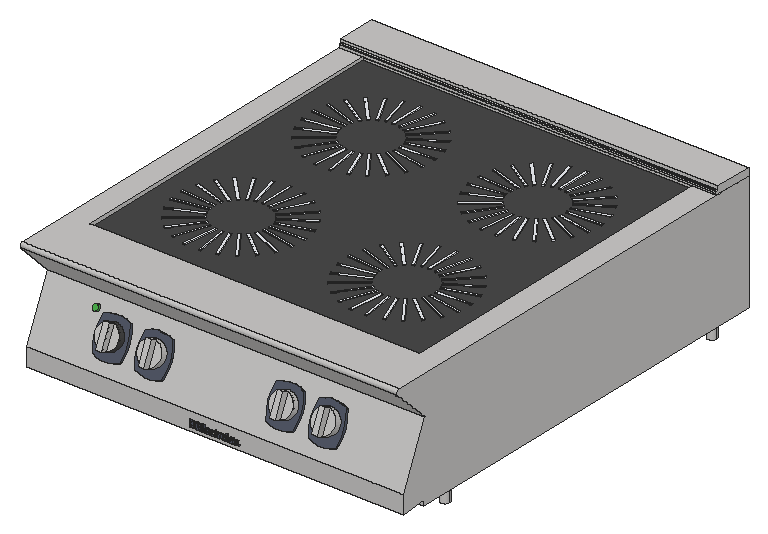
Revit family "QF_ELECTROLUXPROFESSIONAL_391045_E9IREH4000", category Specialty Equipment, Revit 2018 (continued)
Definition of nested family "INDUCTION BURNER"
  Automatic sketch dimensions
    plane 7 "Center Y" to curve 1 = 2.5 mm
    plane 7 "Center Y" to curve 57 = 4.812 mm
    plane 7 "Center Y" to curve 58 = 14.001 mm
    curve 57 to plane 5 "FRONT" = 0.724 mm
    curve 58 to curve 58 = 4.961 mm
    curve 59 to curve 64 = 9.322 mm
    curve 61 to curve 64 = 4.649 mm
    curve 5 to curve 100 = 8.949 mm
    plane 1 "BACK" to curve 6 = 3.51 mm
    curve 63 to curve 65 = 8.434 mm
    curve 6 to curve 6 = 4.843 mm
    curve 65 to curve 67 = 4.045 mm
    curve 97 to curve 96 = 7.786 mm
    curve 95 to curve 96 = 3.645 mm
    curve 67 to curve 72 = 7.016 mm
    curve 62 to plane 5 "FRONT" = 8.314 mm
    curve 69 to curve 71 = 3.187 mm
    curve 93 to curve 92 = 6.135 mm
    curve 71 to curve 76 = 5.157 mm
    curve 73 to curve 76 = 2.129 mm
    curve 75 to plane 8 "Center X" = 22.512 mm
    curve 89 to curve 88 = 4.098 mm
    plane 8 "Center X" to curve 88 = 15.603 mm
    curve 75 to curve 77 = 2.974 mm
    curve 79 to plane 8 "Center X" = 8.447 mm
    curve 77 to curve 79 = 0.937 mm
    curve 85 to curve 84 = 1.803 mm
    plane 8 "Center X" to curve 84 = 1.158 mm
    curve 83 to curve 84 = 0.314 mm
    plane 1 "BACK" to curve 98 = 15.061 mm
    curve 98 to curve 98 = 4.382 mm
    curve 66 to curve 70 = 20.413 mm
    curve 91 to plane 4 "RIGHT" = 21.81 mm
    curve 90 to curve 90 = 2.679 mm
    curve 74 to plane 4 "RIGHT" = 13.58 mm
    curve 86 to plane 4 "RIGHT" = 7.209 mm
    curve 86 to curve 86 = 1.545 mm
    curve 79 to plane 4 "RIGHT" = 1.861 mm
    curve 82 to plane 4 "RIGHT" = 0.103 mm
    curve 46 to curve 46 = 2.939 mm
    curve 45 to curve 42 = 19.169 mm
    curve 66 to curve 70 = 19.169 mm
    curve 69 to curve 71 = 3.853 mm
    curve 56 to curve 60 = 0 mm
    curve 55 to curve 53 = 0.627 mm
    curve 57 to curve 59 = 0.627 mm
    curve 53 to curve 52 = 2.394 mm
    curve 59 to curve 61 = 2.394 mm
    curve 73 to curve 75 = 4.524 mm
    curve 51 to curve 49 = 1.841 mm
    curve 61 to curve 63 = 1.841 mm
    curve 49 to curve 48 = 4.637 mm
    curve 63 to curve 65 = 4.637 mm
    curve 65 to curve 67 = 2.939 mm
    curve 67 to curve 72 = 6.589 mm
    curve 45 to curve 44 = 6.589 mm
    curve 43 to curve 44 = 3.853 mm
    curve 39 to curve 37 = 4.524 mm
    curve 77 to curve 78 = 4.911 mm
    curve 34 to curve 33 = 4.911 mm
    plane 8 "Center X" to curve 31 = 5.762 mm
    plane 8 "Center X" to curve 81 = 5.762 mm
    curve 30 to curve 30 = 4.99 mm
    curve 81 to curve 83 = 4.99 mm
    curve 87 to curve 89 = 8.709 mm
    curve 25 to curve 23 = 8.709 mm
    curve 23 to curve 21 = 4.222 mm
    curve 91 to curve 96 = 7.416 mm
    curve 21 to curve 20 = 7.416 mm
    curve 26 to curve 26 = 4.755 mm
    curve 86 to curve 86 = 4.755 mm
    curve 19 to curve 20 = 3.423 mm
    curve 93 to curve 95 = 3.423 mm
    curve 17 to curve 16 = 5.657 mm
    curve 95 to curve 97 = 5.657 mm
    curve 16 to curve 13 = 2.409 mm
    curve 97 to curve 100 = 2.409 mm
    curve 99 to curve 8 = 3.543 mm
    curve 13 to curve 11 = 3.543 mm
    curve 5 to curve 8 = 1.243 mm
    curve 11 to curve 12 = 1.243 mm
    curve 9 to curve 3 = 1.206 mm
    curve 90 to curve 91 = 4.222 mm
    curve 91 to curve 94 = 21.576 mm
    plane 1 "BACK" to Extrusion 1 sketch curve = 0 mm
    plane 3 "LEFT" to Extrusion 1 sketch curve = 0.103 mm
    plane 3 "LEFT" to Extrusion 1 sketch curve = 0.416 mm
    plane 3 "LEFT" to Extrusion 1 sketch curve = 1.861 mm
    plane 3 "LEFT" to Extrusion 1 sketch curve = 2.798 mm
    plane 3 "LEFT" to Extrusion 1 sketch curve = 5.664 mm
    Extrusion 1 sketch curve to Extrusion 1 sketch curve = 1.545 mm  (x2)
    plane 3 "LEFT" to Extrusion 1 sketch curve = 11.451 mm
    Extrusion 1 sketch curve to Extrusion 1 sketch curve = 2.129 mm  (x2)
    plane 3 "LEFT" to Extrusion 1 sketch curve = 19.131 mm
    Extrusion 1 sketch curve to Extrusion 1 sketch curve = 2.679 mm  (x2)
    Extrusion 1 sketch curve to Extrusion 1 sketch curve = 15.004 mm
    Extrusion 1 sketch curve to Extrusion 1 sketch curve = 3.187 mm  (x2)
    Extrusion 1 sketch curve to Extrusion 1 sketch curve = 17.849 mm
    plane 1 "BACK" to Extrusion 1 sketch curve = 33.929 mm
    Extrusion 1 sketch curve to Extrusion 1 sketch curve = 3.645 mm  (x2)
    Extrusion 1 sketch curve to Extrusion 1 sketch curve = 20.413 mm  (x2)
    Extrusion 1 sketch curve to plane 5 "FRONT" = 23.645 mm  (x2)
    Extrusion 1 sketch curve to Extrusion 1 sketch curve = 4.045 mm  (x2)
    Extrusion 1 sketch curve to Extrusion 1 sketch curve = 22.654 mm  (x2)
    plane 1 "BACK" to Extrusion 1 sketch curve = 15.061 mm  (x2)
    Extrusion 1 sketch curve to Extrusion 1 sketch curve = 4.382 mm  (x2)
    plane 8 "Center X" to Extrusion 1 sketch curve = 1.158 mm  (x2)
    Extrusion 1 sketch curve to plane 7 "Center Y" = 58.228 mm
    Extrusion 1 sketch curve to plane 8 "Center X" = 8.447 mm  (x2)
    Extrusion 1 sketch curve to Extrusion 1 sketch curve = 0.604 mm
    plane 8 "Center X" to Extrusion 1 sketch curve = 15.603 mm  (x2)
    Extrusion 1 sketch curve to Extrusion 1 sketch curve = 1.803 mm  (x2)
    Extrusion 1 sketch curve to plane 8 "Center X" = 22.512 mm  (x2)
    Extrusion 1 sketch curve to Extrusion 1 sketch curve = 2.974 mm  (x2)
    Extrusion 1 sketch curve to plane 5 "FRONT" = 10.155 mm
    Extrusion 1 sketch curve to Extrusion 1 sketch curve = 24.538 mm  (x2)
    Extrusion 1 sketch curve to Extrusion 1 sketch curve = 4.098 mm  (x2)
    Extrusion 1 sketch curve to Extrusion 1 sketch curve = 5.157 mm  (x2)
    Extrusion 1 sketch curve to plane 5 "FRONT" = 8.314 mm  (x2)
    Extrusion 1 sketch curve to Extrusion 1 sketch curve = 4.649 mm  (x2)
    Extrusion 1 sketch curve to Extrusion 1 sketch curve = 6.135 mm  (x2)
    Extrusion 1 sketch curve to Extrusion 1 sketch curve = 7.016 mm  (x2)
    plane 1 "BACK" to Extrusion 1 sketch curve = 4.753 mm
    Extrusion 1 sketch curve to Extrusion 1 sketch curve = 26.036 mm  (x2)
    plane 1 "BACK" to Extrusion 1 sketch curve = 3.51 mm  (x2)
    Extrusion 1 sketch curve to Extrusion 1 sketch curve = 4.843 mm  (x2)
    Extrusion 1 sketch curve to Extrusion 1 sketch curve = 7.786 mm  (x2)
    Extrusion 1 sketch curve to Extrusion 1 sketch curve = 8.434 mm  (x2)
    Extrusion 1 sketch curve to plane 5 "FRONT" = 1.35 mm
    Extrusion 1 sketch curve to plane 7 "Center Y" = 18.962 mm
    Extrusion 1 sketch curve to Extrusion 1 sketch curve = 8.949 mm  (x2)
    Extrusion 1 sketch curve to plane 5 "FRONT" = 0.724 mm  (x2)
    Extrusion 1 sketch curve to Extrusion 1 sketch curve = 4.961 mm  (x2)
    Extrusion 1 sketch curve to Extrusion 1 sketch curve = 9.322 mm  (x2)
    Extrusion 1 sketch curve to plane 7 "Center Y" = 2.5 mm
    plane 7 "Center Y" to Extrusion 1 sketch curve = 2.5 mm
    plane 7 "Center Y" to Extrusion 1 sketch curve = 4.812 mm
    Extrusion 1 sketch curve to Extrusion 1 sketch curve = 9.549 mm
    plane 7 "Center Y" to Extrusion 1 sketch curve = 14.001 mm
    Extrusion 1 sketch curve to Extrusion 1 sketch curve = 27.781 mm
    Extrusion 1 sketch curve to Extrusion 1 sketch curve = 27.122 mm
    plane 8 "Center X" to Extrusion 1 sketch curve = 29.067 mm
    plane 8 "Center X" to Extrusion 1 sketch curve = 20.358 mm
    Extrusion 1 sketch curve to plane 8 "Center X" = 13.359 mm
    Extrusion 1 sketch curve to Extrusion 1 sketch curve = 0.937 mm
    plane 8 "Center X" to Extrusion 1 sketch curve = 6.149 mm
    Extrusion 1 sketch curve to Extrusion 1 sketch curve = 0.314 mm
    Extrusion 1 sketch curve to plane 4 "RIGHT" = 21.81 mm
    Extrusion 1 sketch curve to plane 4 "RIGHT" = 13.58 mm
    Extrusion 1 sketch curve to plane 4 "RIGHT" = 7.209 mm
    Extrusion 1 sketch curve to plane 4 "RIGHT" = 2.798 mm
    Extrusion 1 sketch curve to plane 4 "RIGHT" = 0.416 mm
    Extrusion 1 sketch curve to Extrusion 1 sketch curve = 0.627 mm
    Extrusion 1 sketch curve to Extrusion 1 sketch curve = 1.841 mm
    Extrusion 1 sketch curve to Extrusion 1 sketch curve = 2.939 mm  (x2)
    Extrusion 1 sketch curve to Extrusion 1 sketch curve = 19.169 mm  (x2)
    Extrusion 1 sketch curve to Extrusion 1 sketch curve = 3.853 mm  (x2)
    Extrusion 1 sketch curve to Extrusion 1 sketch curve = 23.643 mm  (x2)
    Extrusion 1 sketch curve to plane 8 "Center X" = 27.096 mm
    plane 8 "Center X" to Extrusion 1 sketch curve = 5.762 mm
    Extrusion 1 sketch curve to Extrusion 1 sketch curve = 4.755 mm
    Extrusion 1 sketch curve to Extrusion 1 sketch curve = 8.709 mm
    Extrusion 1 sketch curve to Extrusion 1 sketch curve = 4.222 mm  (x2)
    Extrusion 1 sketch curve to Extrusion 1 sketch curve = 7.416 mm  (x2)
    Extrusion 1 sketch curve to Extrusion 1 sketch curve = 3.423 mm
    Extrusion 1 sketch curve to Extrusion 1 sketch curve = 5.657 mm  (x2)
    Extrusion 1 sketch curve to Extrusion 1 sketch curve = 3.543 mm
    Extrusion 1 sketch curve to Extrusion 1 sketch curve = 1.206 mm
